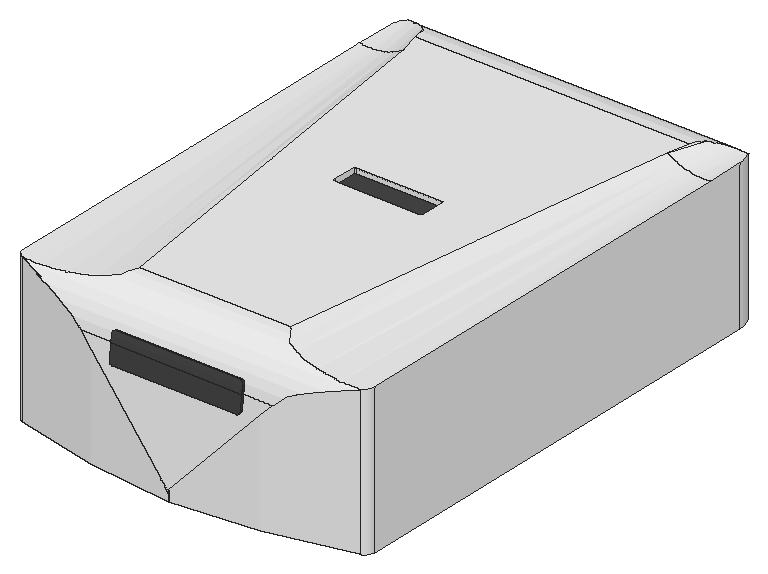
Revit family "Hand_Dryer-Excel_Dryer-ThinAir", category Specialty Equipment, host Face, Revit 2015
Parameters (values of type "TA-ABS-208-277V 3.6-4A - 735-950W")
  Width = 0' - 8 29/32"  # constant formula
  Product data url = "https://bimobject.com/excel-dryer-us/product/excel-dryer-thinair"
  Mounting Note [instance] = "For correct placement, match Elevation to Mounting Height."  # constant formula
  Watts = 950 W
  Warranty Duration = "5 Years"  # constant formula
  Voltage = 277 V
  URL = "http://www.exceldryer.com/index.php"
  Teenagers Washroom Mounting Height [instance] = yes
  Subcategory = "Hand Dryers"  # constant formula
  Product Weight = "8 lbs"  # constant formula
  Product Page URL = "http://www.exceldryer.com/products_thinair.php"
  Product Name = "ThinAir Excel Dryer®"  # constant formula
  Power Factor = 1
  Phase = 1
  Output at Outlet (LFM) = "16000 LFM"  # constant formula
  Number of Poles = 1
  Mounting Height [instance] = if(Teenagers Washroom Mounting Height, 3' 5", if(Men's Washroom Mounting Height, 3' 9", if(Ladies Washroom Mounting Height, 3' 7", if(Handicapped Washroom Mounting Height, 3' 1", if(Children's Washroom Mounting Height, 2' 11", 3' 3")))))  # 3' - 5"
  Model = "TA-ABS-208-277V 3.6-4A - 735-950W"
  Men's Washroom Mounting Height [instance] = no
  Material = ""
  Manufacturer Toll Free Number = "800-255-9235"  # constant formula
  Manufacturer Phone = "1-413-525-4531"  # constant formula
  Manufacturer Fax = "1-413-525-2853"  # constant formula
  Manufacturer Email = "sales@exceldryer.com"
  Manufacturer Address = "357 Chestnut St. P. O. Box 365, East Longmeadow, MA 01028"  # constant formula
  Manufacturer = "Excel Dryer"  # constant formula
  Ladies Washroom Mounting Height [instance] = no
  Impact Resistant Note = "UL 499"  # constant formula
  Height = 1' - 1 15/16"  # constant formula
  Heating Element = "500 W"
  Handicapped Washroom Mounting Height [instance] = no
  Frequency = 60 Hz
  Description = "ThinAir Series"  # constant formula
  Depth = 0' - 4"  # constant formula
  Default Elevation = 3' - 3"
  Cover Finish = ABS -  Excel Dryer  - White
  Children's Washroom Mounting Height [instance] = no
  Category = "Toilet Accessories"  # constant formula
  Assembly Code = "C1030200"
  Apparent Load = 984 VA
  Amperage = 4 A
  Air Temperature (Farenheit) = 141 °F  # constant formula
Types (4): name | Watts | Voltage | Model | Frequency | Apparent Load | Amperage
  (no name) | 890 W | 230 V | "TA-ABS-230V 3.9A 890W" | 50 Hz | 920 VA | 3.9 A
  TA-ABS-110-120V 7-7.7A - 770-915W | 915 W | 120 V | "TA-ABS-110-120V 7-7.7A - 770-915W" | 60 Hz | 960 VA | 7.7 A
  TA-ABS-208-277V 3.6-4A - 735-950W | 950 W | 277 V | "TA-ABS-208-277V 3.6-4A - 735-950W" | 60 Hz | 984 VA | 4 A
  TA-ABS-230V 3.9A 890W | 890 W | 230 V | "TA-ABS-230V 3.9A 890W" | 50 Hz | 920 VA | 3.9 A
Reference planes (in)
  plane 1 "Center (Front/Back)": y = 0
  plane 2: z = 0
  plane 3 "Center (Left/Right)": x = 0
  plane 4 "Front": z = 4
  plane 5 "Back": z = 0
  plane 6: x = 4.45313
  plane 7: x = -4.45312
  plane 8: z = 3
  plane 9: z = 1
  plane 10: y = 6.96875
  plane 11: y = -6.96875
  plane 12: x = -1.66391
  plane 13: x = 1.66391
  plane 14: x = -3.34033
  plane 15: x = 3.34033
  plane 16: z = 3.875
  plane 17: z = 3.75
  plane 18: y = -6.19694
  plane 19: y = -5.5295
  plane 20: z = 2.8375
  plane 21: y = -1.99454
  plane 22: y = 7.38467
  plane 23: x = -5.45312
  plane 24: x = 5.45313
  plane 25: y = -7.33069
  plane 26: y = 4.67812
  plane 27: z = 3.2125
  plane 28: z = 2.4625
  plane 29: y = -6.84927
  plane 30: y = -5.48236
  plane 31: y = 0.34713
  plane 32: y = -0.34713
  plane 33: x = 1.1375
  plane 34: x = -1.1375
  plane 35: y = -6.77243
Forms (in)
  Extrusion 1, solid, material "ABS -  Excel Dryer  - White"
    sketch origin (0, -0.9653, 0) x (0, 1, 0) y (0, 0, 1)
      loop
        line (7.91234, 0) -> (7.51218, 2.84729)
        arc (7.51218, 2.84729) -> (7.06465, 3.67154) -> (6.18614, 4) r 1.33907
        line (6.18614, 4) -> (-4.51707, 4)
        arc (-4.51707, 4) -> (-5.3249, 3.6899) -> (-5.71774, 2.91891) r 1.20728
        line (-5.71774, 2.91891) -> (-6.02453, 0) -> (7.91234, 0)
    from -4.45313 to 4.45313
  Blend 2, void
    base sketch origin (0, 0, 0) x (-1, 0, 0) y (0, 0, -1)
      loop
        line (-4.45312, -3.75) -> (-4.45312, -4) -> (-1.66391, -4)
        arc (-1.66391, -4) -> (-3.05026, -3.78289) -> (-4.45312, -3.75) r 10.64644
    top sketch origin (0, 0, 0) x (-1, 0, 0) y (0, 0, -1)
      loop
        arc (-3.34033, -4) -> (-3.87227, -3.76612) -> (-4.45313, -3.74965) r 1.51527
        line (-4.45313, -3.74965) -> (-4.45313, -4) -> (-3.34033, -4)
    from 7.33069 to -4.67812
  Extrusion 3, void
    sketch origin (0, 0, 0) x (1, 0, 0) y (0, 1, 0)
      loop
        arc (-4.45312, 5.58087) -> (-4.33027, 5.9922) -> (-4.00195, 6.26877) r 0.75
        arc (-4.00195, 6.26877) -> (-2.0431, 6.86592) -> (0, 7.00523) r 9.00826
        line (0, 7.00523) -> (0, 7.38467) -> (-5.45312, 7.38467) -> (-5.45312, -7.33069) -> (0, -7.33069) -> (0, -6.96875)
        arc (0, -6.96875) -> (-2.15761, -6.73485) -> (-4.2731, -6.25041) r 18.53957
        arc (-4.2731, -6.25041) -> (-4.40312, -6.16042) -> (-4.45312, -6.01041) r 0.25
        line (-4.45312, -6.01041) -> (-4.45312, 5.58087)
    from 0 to 4.47709
  Extrusion 4, void
    sketch origin (0, 0.00801, 0) x (-1, 0, 0) y (0, -1, 0)
      loop
        line (-4.45312, -5.58087) -> (-4.45312, 6.01041)
        arc (-4.45312, 6.01041) -> (-4.40312, 6.16042) -> (-4.2731, 6.25041) r 0.25
        arc (-4.2731, 6.25041) -> (-2.15761, 6.73485) -> (0, 6.96875) r 18.53957
        line (0, 6.96875) -> (0, 7.3387) -> (-5.45312, 7.3387) -> (-5.45312, -7.37665) -> (0, -7.37665) -> (0, -7.00523)
        arc (0, -7.00523) -> (-2.0431, -6.86592) -> (-4.00195, -6.26877) r 9.00826
        arc (-4.00195, -6.26877) -> (-4.33027, -5.9922) -> (-4.45312, -5.58087) r 0.75
    from 0 to 4.47709
  Blend 5, void
    base sketch origin (0, 0, 0) x (1, 0, 0) y (0, 0, 1)
      loop
        arc (-4.45312, 3.75) -> (-3.05026, 3.78289) -> (-1.66391, 4) r 10.64644
        line (-1.66391, 4) -> (-4.45312, 4) -> (-4.45312, 3.75)
    top sketch origin (0, 0, 0) x (1, 0, 0) y (0, 0, 1)
      loop
        line (-3.34033, 4) -> (-4.45313, 4) -> (-4.45313, 3.74965)
        arc (-4.45313, 3.74965) -> (-3.87227, 3.76612) -> (-3.34033, 4) r 1.51527
    from 7.33069 to -4.67812
  Blend 6, void
    base sketch origin (0, 0, 0) x (1, 0, 0) y (0, 0, 1)
      loop
        arc (-4.45313, 3.74965) -> (-3.87227, 3.76612) -> (-3.34033, 4) r 1.51527
        line (-3.34033, 4) -> (-4.45313, 4) -> (-4.45313, 3.74965)
    top sketch origin (0, 0, 0) x (1, 0, 0) y (0, 0, 1)
      loop
        arc (-4.45313, 3.75171) -> (-4.25764, 3.76745) -> (-4.07972, 3.84994) r 0.55721
        arc (-4.07972, 3.84994) -> (-4.01625, 3.9123) -> (-4.00126, 4) r 0.1447
        line (-4.00126, 4) -> (-4.45313, 4) -> (-4.45313, 3.75171)
    from -4.67812 to -7.38467
  Blend 7, void
    base sketch origin (0, 0, 0) x (-1, 0, 0) y (0, 0, -1)
      loop
        line (-4.45313, -3.74965) -> (-4.45313, -4) -> (-3.34033, -4)
        arc (-3.34033, -4) -> (-3.87227, -3.76612) -> (-4.45313, -3.74965) r 1.51527
    top sketch origin (0, 0, 0) x (-1, 0, 0) y (0, 0, -1)
      loop
        line (-4.45313, -3.75171) -> (-4.45313, -4) -> (-4.00126, -4)
        arc (-4.00126, -4) -> (-4.01625, -3.9123) -> (-4.07972, -3.84994) r 0.1447
        arc (-4.07972, -3.84994) -> (-4.25764, -3.76745) -> (-4.45313, -3.75171) r 0.55721
    from -4.67812 to -7.38467
  Extrusion 8, solid, material "Metallic - Paint - Excel Dryer - Black - Logo"
    sketch origin (0.00958, 0, -0.5375) x (1, 0, 0) y (0, 0, 1)
      loop
        arc (-1.57312, 3.75) -> (-1.6441, 3.7206) -> (-1.6735, 3.64963) r 0.10037
        line (-1.6735, 3.64963) -> (-1.6735, 3.10037)
        arc (-1.6735, 3.10037) -> (-1.6441, 3.0294) -> (-1.57312, 3) r 0.10037
        line (-1.57312, 3) -> (1.55396, 3)
        arc (1.55396, 3) -> (1.62493, 3.0294) -> (1.65433, 3.10037) r 0.10037
        line (1.65433, 3.10037) -> (1.65433, 3.64963)
        arc (1.65433, 3.64963) -> (1.62493, 3.7206) -> (1.55396, 3.75) r 0.10037
        line (1.55396, 3.75) -> (-1.57312, 3.75)
    from 6.19694 to 6.78628
  Extrusion 9, void
    sketch origin (0, -0.0625, 0) x (0, 1, 0) y (0, 0, 1)
      loop
        line (-6.78677, 3.2125) -> (-6.78677, 2.4625) -> (-6.70828, 2.4625) -> (-6.66027, 2.91932)
        arc (-6.66027, 2.91932) -> (-6.63516, 3.06806) -> (-6.5917, 3.2125) r 1.20728
        line (-6.5917, 3.2125) -> (-6.78677, 3.2125)
    from -1.66391 to 1.69137
  Extrusion 10, void
    sketch origin (0, 0, 0) x (1, 0, 0) y (0, 1, 0)
      loop
        arc (-1.11093, 0.34713) -> (-1.12972, 0.33935) -> (-1.1375, 0.32056) r 0.02657
        line (-1.1375, 0.32056) -> (-1.1375, -0.2736)
        arc (-1.1375, -0.2736) -> (-1.11596, -0.32559) -> (-1.06396, -0.34713) r 0.07354
        line (-1.06396, -0.34713) -> (1.06396, -0.34713)
        arc (1.06396, -0.34713) -> (1.11596, -0.32559) -> (1.1375, -0.2736) r 0.07354
        line (1.1375, -0.2736) -> (1.1375, 0.30402)
        arc (1.1375, 0.30402) -> (1.12487, 0.33451) -> (1.09439, 0.34713) r 0.04311
        line (1.09439, 0.34713) -> (-1.11093, 0.34713)
    from 3.75 to 4
  Extrusion 11, solid, material "Metallic - Paint - Excel Dryer - Black - Logo"
    sketch origin (0, 0, 0) x (1, 0, 0) y (0, 1, 0)
      loop
        line (-1.1375, 0.32056) -> (-1.1375, -0.2736)
        arc (-1.1375, -0.2736) -> (-1.11596, -0.32559) -> (-1.06396, -0.34713) r 0.07354
        line (-1.06396, -0.34713) -> (1.06396, -0.34713)
        arc (1.06396, -0.34713) -> (1.11596, -0.32559) -> (1.1375, -0.2736) r 0.07354
        line (1.1375, -0.2736) -> (1.1375, 0.30402)
        arc (1.1375, 0.30402) -> (1.12487, 0.33451) -> (1.09439, 0.34713) r 0.04311
        line (1.09439, 0.34713) -> (-1.11093, 0.34713)
        arc (-1.11093, 0.34713) -> (-1.12972, 0.33935) -> (-1.1375, 0.32056) r 0.02657
    from 3.75 to 3.875
Cuts and joins
  Blend 2, Extrusion 3, Extrusion 4, Blend 5, Blend 6, Blend 7, Extrusion 9, Extrusion 10 cuts Extrusion 1
  Extrusion 9 cuts Extrusion 8
Lines and regions (in)
  Masking region 1
    outline origin (0.5625, 0, -0.10753) x (1, 0, 0) y (0, 0, 1)
      loop
        line (3.89062, 0.10753) -> (3.89062, 3.85753)
        arc (3.89062, 3.85753) -> (3.8174, 4.03431) -> (3.64062, 4.10753) r 0.25
        line (3.64062, 4.10753) -> (-4.76563, 4.10753)
        arc (-4.76563, 4.10753) -> (-4.9424, 4.03431) -> (-5.01563, 3.85753) r 0.25
        line (-5.01563, 3.85753) -> (-5.01563, 0.10753) -> (3.89062, 0.10753)
Dimensions and locks (in)
  plane 2 to plane 5 "Back" = 0' - 0"
  "Depth": plane 4 "Front" to plane 5 "Back"
  equal spacing: plane 6, plane 3 "Center (Left/Right)", plane 7
  "Width": plane 6 to plane 7
  equal spacing: plane 10, plane 1 "Center (Front/Back)", plane 11, locked at 6.96875 each
  "Height": plane 10 to plane 11
  plane 7 to plane 6 = 0' - 8 29/32"
  plane 10 to plane 11 = 1' - 1 15/16"
  equal spacing: Extrusion 10 sketch curve, plane 3 "Center (Left/Right)", Extrusion 10 sketch curve
  cut or joined group of Extrusion 8, Extrusion 9 to Extrusion 10 sketch curve to Extrusion 10 sketch curve = 0' - 5.84981", 0' - 0.69427"
  equal spacing: plane 23, plane 3 "Center (Left/Right)", plane 24
  equal spacing: cut or joined group of Extrusion 1, Blend 2, Extrusion 3, Extrusion 4, Blend 5, Blend 6, Blend 7, Extrusion 9, Extrusion 10, plane 1 "Center (Front/Back)", cut or joined group of Extrusion 1, Blend 2, Extrusion 3, Extrusion 4, Blend 5, Blend 6, Blend 7, Extrusion 9, Extrusion 10
  locked: cut or joined group of Extrusion 1, Blend 2, Extrusion 3, Extrusion 4, Blend 5, Blend 6, Blend 7, Extrusion 9, Extrusion 10 to cut or joined group of Extrusion 1, Blend 2, Extrusion 3, Extrusion 4, Blend 5, Blend 6, Blend 7, Extrusion 9, Extrusion 10 at 0.69427
  equal spacing: cut or joined group of Extrusion 1, Blend 2, Extrusion 3, Extrusion 4, Blend 5, Blend 6, Blend 7, Extrusion 9, Extrusion 10, plane 3 "Center (Left/Right)", cut or joined group of Extrusion 1, Blend 2, Extrusion 3, Extrusion 4, Blend 5, Blend 6, Blend 7, Extrusion 9, Extrusion 10
  locked: cut or joined group of Extrusion 1, Blend 2, Extrusion 3, Extrusion 4, Blend 5, Blend 6, Blend 7, Extrusion 9, Extrusion 10 to cut or joined group of Extrusion 1, Blend 2, Extrusion 3, Extrusion 4, Blend 5, Blend 6, Blend 7, Extrusion 9, Extrusion 10 at 2.275
  locked: plane 4 "Front" to Blend 2 sketch curve at 0.27083
  locked: plane 6 to Blend 2 sketch curve at 1.11279
  locked: plane 4 "Front" to Blend 2 sketch curve at 0.25962
  locked: plane 6 to Blend 2 sketch curve at 2.78921
  plane 4 "Front" to Blend 7 sketch curve to Blend 7 sketch curve = 0' - 0.15006" locked, 0' - 0.10083" locked
  plane 6 to Blend 7 sketch curve to Blend 7 sketch curve = 0' - 0.3734" locked, 0' - 0.07994" locked
  locked: plane 4 "Front" to Blend 7 sketch curve at 0.27083
  locked: plane 6 to Blend 7 sketch curve at 1.11279
  aligned and locked: plane 2 to host face
  aligned and locked: level to host face
  aligned and locked: plane 7 to Extrusion 1
  aligned and locked: plane 6 to Extrusion 1
  aligned and locked: plane 7 to Masking region 1
  aligned and locked: plane 6 to Masking region 1
  aligned and locked: Extrusion 4 to Extrusion 3  (x2)
  aligned and locked: plane 13 to Extrusion 8
  aligned and locked: Extrusion 10 to plane 17
  aligned and locked: plane 16 to Extrusion 11
  aligned and locked: Masking region 1 to plane 4 "Front"
  aligned and locked: level to Masking region 1
  aligned and locked: plane 23 to Extrusion 3
  aligned and locked: Extrusion 4 to plane 24
  aligned and locked: Extrusion 4 to plane 25
  aligned and locked: Extrusion 3 to Extrusion 4
  aligned and locked: Blend 7 to Extrusion 3
  aligned and locked: Extrusion 3 to Blend 6
  aligned and locked: Blend 6 to Blend 2
  aligned and locked: Blend 7 to Blend 2
  aligned and locked: Blend 5 to Blend 2
  aligned and locked: plane 26 to cut or joined group of Extrusion 1, Blend 2, Extrusion 3, Extrusion 4, Blend 5, Blend 6, Blend 7, Extrusion 9, Extrusion 10
  aligned and locked: plane 18 to Extrusion 8
  aligned and locked: Extrusion 9 to Extrusion 8
  aligned and locked: Extrusion 9 to cut or joined group of Extrusion 8, Extrusion 9
  aligned and locked: plane 28 to cut or joined group of Extrusion 8, Extrusion 9
  aligned and locked: Extrusion 8 to Extrusion 9
  aligned and locked: cut or joined group of Extrusion 8, Extrusion 9 to Extrusion 9
  aligned and locked: plane 29 to Extrusion 9
  aligned and locked: plane 4 "Front" to Extrusion 10
  aligned and locked: cut or joined group of Extrusion 1, Blend 2, Extrusion 3, Extrusion 4, Blend 5, Blend 6, Blend 7, Extrusion 9, Extrusion 10 to plane 6
  aligned and locked: cut or joined group of Extrusion 1, Blend 2, Extrusion 3, Extrusion 4, Blend 5, Blend 6, Blend 7, Extrusion 9, Extrusion 10 to plane 7
  aligned and locked: plane 30 to cut or joined group of Extrusion 1, Blend 2, Extrusion 3, Extrusion 4, Blend 5, Blend 6, Blend 7, Extrusion 9, Extrusion 10
  aligned and locked: Extrusion 4 to plane 3 "Center (Left/Right)"  (x2)
  aligned and locked: plane 32 to cut or joined group of Extrusion 1, Blend 2, Extrusion 3, Extrusion 4, Blend 5, Blend 6, Blend 7, Extrusion 9, Extrusion 10
  aligned and locked: plane 31 to cut or joined group of Extrusion 1, Blend 2, Extrusion 3, Extrusion 4, Blend 5, Blend 6, Blend 7, Extrusion 9, Extrusion 10
  aligned and locked: plane 34 to cut or joined group of Extrusion 1, Blend 2, Extrusion 3, Extrusion 4, Blend 5, Blend 6, Blend 7, Extrusion 9, Extrusion 10
  aligned and locked: cut or joined group of Extrusion 1, Blend 2, Extrusion 3, Extrusion 4, Blend 5, Blend 6, Blend 7, Extrusion 9, Extrusion 10 to plane 33
  aligned and locked: plane 34 to Extrusion 11
  aligned and locked: Extrusion 3 to Blend 2
  aligned and locked: Extrusion 3 to Blend 5
  aligned and locked: plane 6 to Blend 2 sketch curve
  aligned and locked: plane 4 "Front" to Blend 2 sketch curve
  aligned and locked: Blend 2 sketch curve to plane 6
  aligned and locked: Blend 2 sketch curve to plane 4 "Front"
  aligned and locked: plane 4 "Front" to Blend 7 sketch curve  (x2)
  aligned and locked: plane 6 to Blend 7 sketch curve  (x2)
  aligned and locked: Extrusion 8 sketch curve to plane 12
  aligned and locked: Extrusion 8 sketch curve to plane 13
  aligned and locked: plane 31 to Extrusion 11 sketch curve
  aligned and locked: Extrusion 11 to plane 17
  aligned and locked: Extrusion 11 sketch curve to plane 32
  aligned and locked: plane 34 to Extrusion 11 sketch curve
  aligned and locked: Extrusion 11 sketch curve to plane 33
Automatic sketch dimensions
  host sketch curve to host sketch curve = 8' - 0"  (x2)
  plane 7 to Masking region 1 sketch curve = 0' - 0"
  plane 4 "Front" to Masking region 1 sketch curve = 0' - 0"
  plane 6 to Masking region 1 sketch curve = 0' - 0"
  plane 17 to Masking region 1 sketch curve = 0' - 0"  (x2)
  Masking region 1 sketch curve to level = 0' - 0"
  Extrusion 1 sketch curve to level = 0' - 0"
  Extrusion 1 sketch curve to plane 11 = 0' - 0.02107"
  Extrusion 1 sketch curve to plane 4 "Front" = 0' - 0"
  Extrusion 1 sketch curve to plane 8 = 0' - 0.15271"
  Extrusion 1 sketch curve to plane 8 = 0' - 0.08109"
  plane 11 to Extrusion 1 sketch curve = 0' - 0.28572"
  plane 19 to Extrusion 1 sketch curve = 0' - 0.04713"
  Extrusion 1 sketch curve to plane 10 = 0' - 1.7479"
  Extrusion 1 sketch curve to plane 10 = 0' - 0 27/64"
  Extrusion 1 sketch curve to plane 10 = 0' - 0.0217"
  Blend 2 sketch curve to plane 17 = 0' - 0"
  plane 17 to Blend 2 sketch curve = 0' - 0.00035"
  Extrusion 3 sketch curve to plane 7 = 0' - 0"
  Extrusion 3 sketch curve to plane 3 "Center (Left/Right)" = 0' - 0"  (x2)
  Extrusion 3 sketch curve to plane 11 = 0' - 0"
  plane 7 to Extrusion 3 sketch curve = 0' - 1"
  Extrusion 3 sketch curve to plane 18 = 0' - 0.05348"
  Extrusion 3 sketch curve to plane 7 = 0' - 0.18003"
  Extrusion 3 sketch curve to Extrusion 3 sketch curve = 0' - 0"  (x2)
  Extrusion 3 sketch curve to Extrusion 3 sketch curve = 0' - 0.06997"
  Extrusion 3 sketch curve to plane 7 = 0' - 0.45117"
  plane 14 to Extrusion 3 sketch curve = 0' - 0.36279"
  Extrusion 3 sketch curve to plane 3 "Center (Left/Right)" = 0' - 0.41274"
  Extrusion 3 sketch curve to plane 11 = 0' - 0.36194"
  Extrusion 3 sketch curve to plane 10 = 0' - 1.38788"
  plane 10 to Extrusion 3 sketch curve = 0' - 0.41592"
  Extrusion 4 sketch curve to plane 6 = 0' - 0"
  Extrusion 4 sketch curve to plane 3 "Center (Left/Right)" = 0' - 0"  (x2)
  Extrusion 4 sketch curve to plane 11 = 0' - 0.00801"
  Extrusion 4 sketch curve to plane 6 = 0' - 1"
  plane 18 to Extrusion 4 sketch curve = 0' - 0.04546"
  plane 6 to Extrusion 4 sketch curve = 0' - 0.18003"
  Extrusion 4 sketch curve to Extrusion 4 sketch curve = 0' - 0"  (x2)
  Extrusion 4 sketch curve to Extrusion 4 sketch curve = 0' - 0 1/4"
  plane 6 to Extrusion 4 sketch curve = 0' - 0.45117"
  Extrusion 4 sketch curve to plane 15 = 0' - 0.36279"
  Extrusion 4 sketch curve to plane 3 "Center (Left/Right)" = 0' - 0.41274"
  plane 11 to Extrusion 4 sketch curve = 0' - 0.36194"
  plane 10 to Extrusion 4 sketch curve = 0' - 1.37986"
  Extrusion 4 sketch curve to plane 10 = 0' - 0.41592"
  Blend 5 sketch curve to plane 4 "Front" = 0' - 0"  (x2)
  plane 7 to Blend 5 sketch curve = 0' - 0"  (x2)
  plane 12 to Blend 5 sketch curve = 0' - 0"
  Blend 5 sketch curve to plane 17 = 0' - 0"
  Blend 5 sketch curve to plane 7 = 0' - 0.45242"
  plane 14 to Blend 5 sketch curve = 0' - 0"
  Blend 5 sketch curve to plane 17 = 0' - 0.00035"
  Blend 5 sketch curve to plane 7 = 0' - 0.24826"
  Blend 6 sketch curve to plane 4 "Front" = 0' - 0"  (x2)
  plane 7 to Blend 6 sketch curve = 0' - 0"  (x2)
  plane 14 to Blend 6 sketch curve = 0' - 0"
  Blend 6 sketch curve to plane 17 = 0' - 0.00035"
  Blend 6 sketch curve to plane 7 = 0' - 0.24826"
  plane 17 to Blend 6 sketch curve = 0' - 0.00171"
  Blend 6 sketch curve to plane 7 = 0' - 0.45186"
  Blend 6 sketch curve to plane 7 = 0' - 0.05372"
  Blend 6 sketch curve to plane 4 "Front" = 0' - 0.02065"
  Blend 6 sketch curve to Blend 6 sketch curve = 0' - 0.14322"
  Blend 6 sketch curve to plane 16 = 0' - 0.02506"
  plane 17 to Blend 7 sketch curve = 0' - 0.00035"
  Blend 7 sketch curve to plane 17 = 0' - 0.00171"
  plane 4 "Front" to Blend 7 sketch curve = 0' - 0.02065"
  Extrusion 8 sketch curve to plane 17 = 0' - 0.5375"
  Extrusion 8 sketch curve to plane 13 = 0' - 0.10037"  (x2)
  Extrusion 8 sketch curve to plane 20 = 0' - 0 3/8"
  Extrusion 8 sketch curve to plane 12 = 0' - 0.10037"  (x2)
  plane 11 to Extrusion 9 sketch curve = 0' - 0.11948"
  Extrusion 9 sketch curve to plane 17 = 0' - 1.2875"
  Extrusion 9 sketch curve to Extrusion 9 sketch curve = 0' - 0.07848"
  Extrusion 9 sketch curve to Extrusion 9 sketch curve = 0' - 0.19507"
  Extrusion 9 sketch curve to plane 17 = 0' - 0.5375"
  Extrusion 9 sketch curve to Extrusion 9 sketch curve = 0' - 0.06857"
  plane 19 to Extrusion 9 sketch curve = 0' - 0.0074"
  Extrusion 9 sketch curve to Extrusion 9 sketch curve = 0' - 0.41938"
  Extrusion 10 sketch curve to plane 1 "Center (Front/Back)" = 0' - 0.32056"
  Extrusion 10 sketch curve to Extrusion 10 sketch curve = 0' - 0.04311"
  Extrusion 10 sketch curve to Extrusion 10 sketch curve = 0' - 0.07354"  (x2)
  Extrusion 10 sketch curve to plane 13 = 0' - 0.56953"
  Extrusion 11 sketch curve to plane 34 = 0' - 0.02657"
  Extrusion 11 sketch curve to Extrusion 11 sketch curve = 0' - 0.07354"
  plane 33 to Extrusion 11 sketch curve = 0' - 0.07354"
  Extrusion 11 sketch curve to Extrusion 11 sketch curve = 0' - 0.04311"
Connectors (in)
  electrical at (0.00526, -0.06881, 0), driven by "Number of Poles", driven by "Voltage", driven by "Apparent Load", driven by "Power Factor"
    settings: on cut or joined group of Extrusion 1, Blend 2, Extrusion 3, Extrusion 4, Blend 5, Blend 6, Blend 7, Extrusion 9, Extrusion 10, index 1, voltage 277 V, apparent load 0 VA, apparent load phase1 984 VA, apparent load phase2 0 VA, apparent load phase3 0 VA, power factor 1, load classification "Other", number of poles 1, system type 31, power factor state 1, is connector primary yes, connector utility no, sub classification motor no, connector description "Power Connector"
